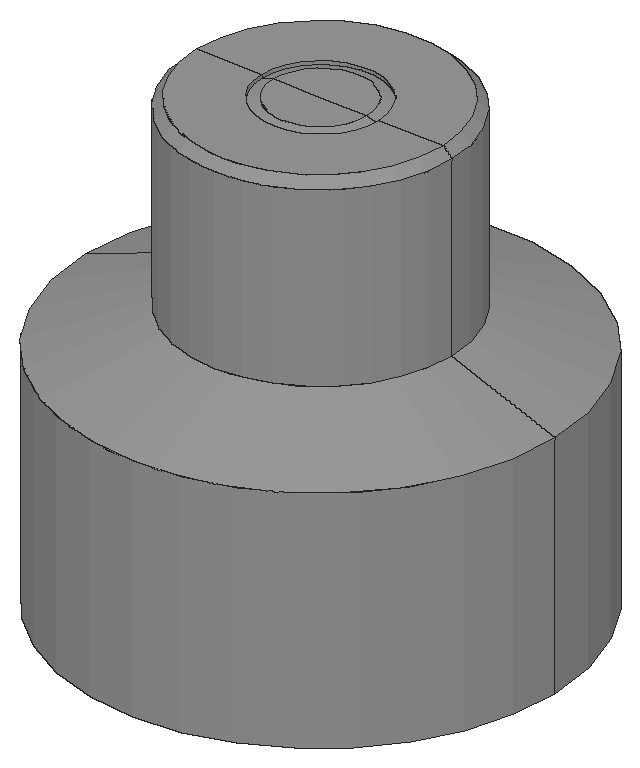
Revit family "4068691 Sylvania Lighting Fixture PATHE WALL ROUND1 67LM LED 4K", category Lighting Fixtures, host Face, Revit 2016
Family settings
  Host = Face
  Part Type = Normal
  Round Connector Dimension = Use Diameter
  OmniClass Number = 23.80.70.00
  OmniClass Title = Lighting
  Cut with Voids When Loaded = No
  Light Source = Yes
  Shared = No
  Room Calculation Point = No
Parameters (values of type "4068691 PATHE/W/R1 67LM LED 4K")
  Weight = "0.235 kg"
  Wattage Comments = ""
  Wattage = 1.5 W
  WarrantyStartDate [instance] = "n/a"
  WarrantyGuarantorParts = "n/a"
  WarrantyDurationUnit = "n/a"
  WarrantyDurationParts = "n/a"
  WarrantyDescription = "n/a"
  built-in parameter 1150110 = 1 (stored number, unit not read)
  Voltage = 0 V
  URL = "http://www.sylvania-lighting.com"
  TypeName = "PATHE/WALL/ROUND1 67LM LED 4K"
  Type Image = <None>
  Type Comments = "n/a"
  built-in parameter 1114217 = 1 (stored number, unit not read)
  Tilt Angle = 90.00°
  built-in parameter 1150109 = 1 (stored number, unit not read)
  built-in parameter 1150134 = 12
  built-in parameter 1150113 = 1 (stored number, unit not read)
  SerialNumber [instance] = "n/a"
  Radius_SYL = 22.5 mm
  RadiusDiffuser_SYL = 10 mm
  Photometric Web File = "4068691.ies"
  Material_3_SYL = none
  PowerFactor = 0
  PowerConsumption = "1.5 W"
  NominalLength = 45 mm
  NominalHeight = 75 mm
  NominalDepth = 0 mm
  Name = "PATHE/WALL/ROUND1 67LM LED 4K"
  ModelReference = Name  # "PATHE/WALL/ROUND1 67LM LED 4K"
  ModelNumber = "4068691"
  Model = Name  # "PATHE/WALL/ROUND1 67LM LED 4K"
  Material = "corrosion resistant anodized aluminum housing, tempered safety glass diffuser"
  ManufacturerName = "Feilo Sylvania"
  Manufacturer = "Feilo Sylvania"
  LuminousEfficacy = "44.66 lm/W"
  built-in parameter 1150105 = 5.3317 (stored number, unit not read)
  Lumens = 67 lm
  LuminaireType = ""
  built-in parameter 1150115 = 1 (stored number, unit not read)
  LightOutputRatio = "100"
  built-in parameter 1150137 = (empty or 0)
  built-in parameter 1150139 = (empty or 0)
  LampsType = Lamp  # "LED"
  LampNominalLuminous = "67 lm"
  LampMacAdamStep = "n/a"
  LampColourTemperature = "4000 K"
  LampColourRenderingIndex = "80"
  built-in parameter 1150112 = 1 (stored number, unit not read)
  built-in parameter 1150114 = 1 (stored number, unit not read)
  Lamp = "LED"
  Keynote = "16500"
  InstallationDate [instance] = "n/a"
  InputVoltage = "n/a"
  InputNominalFrequency = "n/a"
  built-in parameter 1150132 = (empty or 0)
  built-in parameter 1150102 = (empty or 0)
  built-in parameter 1150107 = 4000 (stored number, unit not read)
  built-in parameter 1150138 = (empty or 0)
  IngressProtection = "IP68"
  ImpactProtectionIndex = "IK10"
  built-in parameter 1150106 = 0.053317 (stored number, unit not read)
  IfcExportType = "IfcLightFixtureType"
  IfcExportAs = "IfcLightFixtureType"
  HieghtTop_SYL = 2 mm
  ExpectedLife = 50000
  Emit from Circle Diameter = RadiusDiffuser_SYL * 2  # 20 mm
  Emit Shape Visible in Rendering = no
  ElectricShockClassification = "Class III"
  built-in parameter 1150104 = 4.1497 (stored number, unit not read)
  DurationUnit = "hours"
  DocumentationLiterature = "http://www.sylvania-lighting.com/product/en-int/products/4068691"
  DimmingControlOptions = "n/a"
  Material_2_SYL = Polycarbonate, Clear
  Dimming Lamp Color Temperature Shift = <None>
  Description = "Round recessed wall luminaireCorrosion resistant anodized aluminum, 67lm, 1.5W, 45lm/W, 4000K, CRI80+, non dimmable, IP68, IK10, (ØxD) Ø45x75mm, 3 step MacAdam ellipse, class III, 12-24V-DC, A++ A+ A"
  Default Elevation = 1219.2 mm
  CreatedOn = "9/21/2018"
  CreatedBy = "@sylvania-lighting.com"
  Cost = 0
  Color Filter = 16777215
  built-in parameter 1114216 [instance] = (empty or 0)
  ClassificationValue = "EF_70_80"
  ClassificationName = "Uniclass2015"
  Material_1_SYL = Aluminum 6061 T6 80 Hot Formed
  ChamferTop_SYL = 1.5 mm
  ChamferDiffuserTop_SYL = 2 mm
  ChamferDiffuserSide_SYL = 0.5 mm
  BarCode [instance] = "n/a"
  built-in parameter 1114218 = 1 (stored number, unit not read)
  built-in parameter 1150133 = 10 (stored number, unit not read)
  AssetType = "Fixed"
  AssetIdentifier [instance] = "n/a"
  Assembly Code = "D5020200"
  Apparent Load = 1.5 VA
  Material_4_SYL = none
Reference planes
  plane 1 "Center (Front/Back)": y = 0
  plane 2: z = 0
  plane 3 "Center (Left/Right)": x = 0
  plane 4: x = -40
  plane 5: x = -22.5
  plane 6: z = -75
  plane 7: x = -10
  plane 8: z = 2
  plane 9: x = -21
  plane 10: z = -36
  plane 11: z = -29.5
  plane 12: x = -8
  plane 13: z = 1.5
  plane 14: z = -6
  plane 15: z = 0.5
Forms (mm)
  Revolve 1, solid, material "Aluminum 6061 T6 80 Hot Formed" <- "Material_1_SYL"
    sketch origin (0, 0, 0) x (1, 0, 0) y (0, 0, 1)
      loop
        line (0, -75) -> (0, -6) -> (-21, -6) -> (-21, 0) -> (-10, 0) -> (-10, 2) -> (-21, 2) -> (-22.5, 0.5) -> (-22.5, -29.5) -> (-40, -36) -> (-40, -75) -> (0, -75)
      axis (0, 2) -> (0, -75)
    angle from 360 to 0
  Revolve 2, solid, material "Polycarbonate, Clear" <- "Material_2_SYL"
    sketch origin (0, 0, 0) x (1, 0, 0) y (0, 0, 1)
      loop
        line (-10, 1.5) -> (-10, 0) -> (0, 0) -> (0, 2) -> (-8, 2) -> (-10, 1.5)
      axis (0, 2) -> (0, 0)
    angle from 360 to 0
  Revolve 3, void
    sketch origin (0, 0, 0) x (1, 0, 0) y (0, 0, 1)
      loop
        line (0, 0) -> (-22.5, 0) -> (-22.5, -29.5) -> (-40, -36) -> (-40, -75) -> (0, -75) -> (0, 0)
      axis (0, 0) -> (0, -75)
    angle from 360 to 0
Cuts and joins
  Revolve 3 cuts Revolve 2
Dimensions and locks
  locked: plane 2 to plane 6 at 75
  locked: plane 3 "Center (Left/Right)" to plane 4 at 40
  "Radius_SYL": plane 3 "Center (Left/Right)" to plane 5
  "RadiusDiffuser_SYL": plane 3 "Center (Left/Right)" to plane 7
  "ChamferTop_SYL": plane 9 to plane 5
  "ChamferDiffuserSide_SYL": plane 8 to plane 13
  "ChamferDiffuserTop_SYL": plane 12 to plane 7
  locked: plane 2 to plane 14 at 6
  "ChamferTop_SYL": plane 8 to plane 15
  "HieghtTop_SYL": plane 8 to plane 2
  aligned and locked: plane 2 to host face
  aligned and locked: level to host face
  aligned and locked: Revolve 1 sketch curve to plane 3 "Center (Left/Right)"  (x2)
  aligned and locked: plane 3 "Center (Left/Right)" to Revolve 1 sketch curve
  aligned and locked: Revolve 1 sketch curve to plane 6
  aligned and locked: plane 4 to Revolve 1 sketch curve
  aligned and locked: plane 5 to Revolve 1 sketch curve
  aligned and locked: plane 8 to Revolve 1 sketch curve
  aligned and locked: level to Revolve 1 sketch curve
  aligned and locked: plane 9 to Revolve 1 sketch curve  (x2)
  aligned and locked: plane 7 to Revolve 1 sketch curve
  aligned and locked: plane 8 to Revolve 2 sketch curve
  aligned and locked: Revolve 2 sketch curve to plane 3 "Center (Left/Right)"  (x2)
  aligned and locked: Revolve 1 to Revolve 2 sketch curve
  aligned and locked: plane 14 to Revolve 1 sketch curve
  aligned and locked: plane 12 to Revolve 2 sketch curve
  aligned and locked: plane 7 to Revolve 2 sketch curve
  aligned and locked: plane 13 to Revolve 2 sketch curve
  aligned and locked: imposter light to plane 8
  aligned and locked: imposter light to plane 1 "Center (Front/Back)"
  aligned and locked: plane 3 "Center (Left/Right)" to imposter light
  aligned and locked: plane 15 to Revolve 1 sketch curve
  aligned and locked: Revolve 3 sketch curve to plane 3 "Center (Left/Right)"
  aligned and locked: plane 3 "Center (Left/Right)" to Revolve 3 sketch curve  (x2)
  aligned and locked: Revolve 3 sketch curve to Revolve 1  (x3)
  aligned and locked: Revolve 3 sketch curve to plane 5
  aligned and locked: Revolve 1 to Revolve 3 sketch curve
Automatic sketch dimensions
  host sketch curve to host sketch curve = 2438.4 mm  (x2)
  plane 6 to Revolve 2 sketch curve = 534.6 mm
  Revolve 2 sketch curve to Revolve 2 sketch curve = 2607.058 mm
  Revolve 1 sketch curve to plane 10 = 0 mm
  Revolve 1 sketch curve to plane 11 = 0 mm
  plane 6 to Revolve 1 sketch curve = 534.6 mm
  Revolve 1 sketch curve to plane 8 = 2607.058 mm
  Revolve 3 sketch curve to plane 11 = 0 mm
  plane 6 to Revolve 3 sketch curve = 534.6 mm
  Revolve 3 sketch curve to plane 8 = 2607.058 mm
Connectors
  electrical at (0, 0, 0), driven by "Apparent Load", driven by "PowerFactor", driven by "Voltage"
    settings: index 1, voltage 0 V, apparent load 1.5 VA, apparent load phase1 0 VA, apparent load phase2 0 VA, apparent load phase3 0 VA, power factor 0, load classification "Lighting", number of poles 1, system type 30, power factor state 1, is connector primary yes, connector utility no, sub classification motor no, connector description ""
